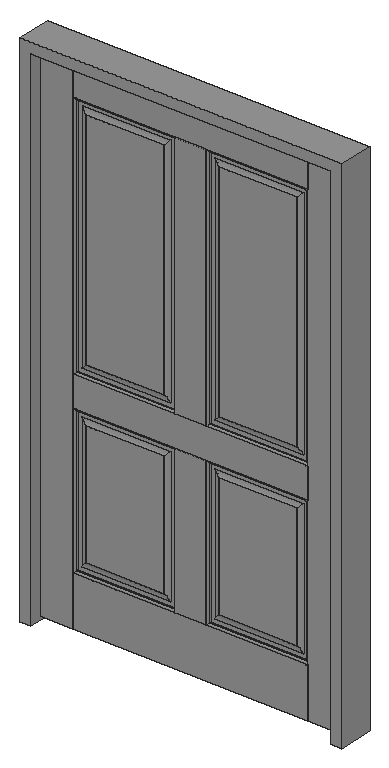
Revit family "V1200MER4PCARVE9", category Doors, host Wall, Revit 2015
Parameters (values of type "V1200MER4PCARVE9")
  Function = Interior
  Frame Projection Ext. = 25 mm
  Frame Projection Int. = 25 mm
  Frame Width = 75 mm
  Height = 2090 mm
  Wall Closure = By host
  Width = 1284 mm
Reference planes
  plane 1: y = 0
  plane 2 "Center (Left/Right)": x = 0
  plane 3 "Left": x = -642
  plane 4 "Right": x = 642
  plane 5: z = 2090
  plane 6 "Exterior": y = 75
  plane 7 "Interior": y = -75
Forms (mm)
  Sweep 1, solid, material "Lauan, Meranti"
    path origin (0, 75, 0) x (1, 0, 0) y (0, 0, 1)
      loop
        line (642, 0) -> (642, 2090) -> (-642, 2090) -> (-642, 0)
    profile "Van Acht 140x42 Pivot Door Frame Profile : Van Acht 140x42 Pivot Door Frame Profile" origin (642, 75, 1045) x (-1, 0, 0) y (0, -1, 0)
      loop
        line (0, 5) -> (42, 5) -> (42, 145) -> (0, 145) -> (0, 5)
  Extrusion 2, solid, material "Lauan, Meranti"
    sketch origin (193.5, -112.5, -4) x (0, 1, 0) y (0, 0, 1)
      loop
        line (122.5, 230) -> (122.5, 215) -> (102.5, 215) -> (102.5, 230) -> (98, 230) -> (98, 228)
        arc (98, 228) -> (93.634, 225.67) -> (92, 221) r 6.807
        line (92, 221) -> (90, 221) -> (90, 20) -> (135, 20) -> (135, 221) -> (133, 221)
        arc (133, 221) -> (131.366, 225.67) -> (127, 228) r 6.807
        line (127, 228) -> (127, 230) -> (122.5, 230)
      loop
        line (122.5, 815) -> (122.5, 800) -> (127, 800) -> (127, 802)
        arc (127, 802) -> (131.366, 804.33) -> (133, 809) r 6.807
        line (133, 809) -> (135, 809) -> (135, 931) -> (133, 931)
        arc (133, 931) -> (131.366, 935.67) -> (127, 938) r 6.807
        line (127, 938) -> (127, 940) -> (122.5, 940) -> (122.5, 925) -> (102.5, 925) -> (102.5, 940) -> (98, 940) -> (98, 938)
        arc (98, 938) -> (93.634, 935.67) -> (92, 931) r 6.807
        line (92, 931) -> (90, 931) -> (90, 809) -> (92, 809)
        arc (92, 809) -> (93.634, 804.33) -> (98, 802) r 6.807
        line (98, 802) -> (98, 800) -> (102.5, 800) -> (102.5, 815) -> (122.5, 815)
      loop
        line (122.5, 1927) -> (122.5, 1912) -> (127, 1912) -> (127, 1914)
        arc (127, 1914) -> (131.366, 1916.33) -> (133, 1921) r 6.807
        line (133, 1921) -> (135, 1921) -> (135, 2052) -> (90, 2052) -> (90, 1921) -> (92, 1921)
        arc (92, 1921) -> (93.634, 1916.33) -> (98, 1914) r 6.807
        line (98, 1914) -> (98, 1912) -> (102.5, 1912) -> (102.5, 1927) -> (122.5, 1927)
    from -662.5 to 275.5
  Extrusion 3, solid, material "Lauan, Meranti"
    sketch origin (193.5, -27.5, -4) x (1, 0, 0) y (0, 1, 0)
      loop
        line (-793.5, 50) -> (-793.5, 5) -> (-662.5, 5) -> (-662.5, 7)
        arc (-662.5, 7) -> (-657.765, 8.56) -> (-655.5, 13) r 6.549
        line (-655.5, 13) -> (-653.5, 13) -> (-653.5, 17.5) -> (-668.5, 17.5) -> (-668.5, 37.5) -> (-653.5, 37.5) -> (-653.5, 42) -> (-655.5, 42)
        arc (-655.5, 42) -> (-657.765, 46.44) -> (-662.5, 48) r 6.549
        line (-662.5, 48) -> (-662.5, 50) -> (-793.5, 50)
      loop
        line (406.5, 50) -> (275.5, 50) -> (275.5, 48)
        arc (275.5, 48) -> (270.765, 46.44) -> (268.5, 42) r 6.549
        line (268.5, 42) -> (266.5, 42) -> (266.5, 37.5) -> (281.5, 37.5) -> (281.5, 17.5) -> (266.5, 17.5) -> (266.5, 13) -> (268.5, 13)
        arc (268.5, 13) -> (270.765, 8.56) -> (275.5, 7) r 6.549
        line (275.5, 7) -> (275.5, 5) -> (406.5, 5) -> (406.5, 50)
    from 20 to 2052
  Sweep 4, solid, material "Lauan, Meranti"
    path origin (193.5, 47.5, -4) x (1, 0, 0) y (0, 0, 1)
      loop
        line (275.5, 1921) -> (-132.5, 1921) -> (-132.5, 931) -> (275.5, 931) -> (275.5, 1921)
    profile origin (265, 47.5, 1917) x (0, 0, -1) y (0, -1, 0)
      loop
        line (-4.5, 57.5) -> (-4.5, 37.5) -> (25.727, 37.5)
        arc (25.727, 37.5) -> (37.468, 35.847) -> (48.5, 31.5) r 50.456
        line (48.5, 31.5) -> (48.5, 63.5)
        arc (48.5, 63.5) -> (37.468, 59.153) -> (25.727, 57.5) r 50.456
        line (25.727, 57.5) -> (-4.5, 57.5)
  Sweep 5, solid, material "Lauan, Meranti"
    path origin (193.5, 47.5, -4) x (1, 0, 0) y (0, 0, 1)
      loop
        line (275.5, 809) -> (-132.5, 809) -> (-132.5, 221) -> (275.5, 221) -> (275.5, 809)
    profile origin (265, 47.5, 805) x (0, 0, -1) y (0, -1, 0)
      loop
        line (-4.5, 57.5) -> (-4.5, 37.5) -> (25.727, 37.5)
        arc (25.727, 37.5) -> (37.468, 35.847) -> (48.5, 31.5) r 50.456
        line (48.5, 31.5) -> (48.5, 63.5)
        arc (48.5, 63.5) -> (37.468, 59.153) -> (25.727, 57.5) r 50.456
        line (25.727, 57.5) -> (-4.5, 57.5)
  Extrusion 6, solid, material "Lauan, Meranti"
    sketch origin (193.5, 47.5, -4) x (1, 0, 0) y (0, 0, 1)
      loop
        line (227, 760.5) -> (-84, 760.5) -> (-84, 269.5) -> (227, 269.5) -> (227, 760.5)
    from 31.5 to 63.5
  Extrusion 7, solid, material "Lauan, Meranti"
    sketch origin (193.5, 47.5, 711) x (1, 0, 0) y (0, 0, 1)
      loop
        line (227, 1157.5) -> (-84, 1157.5) -> (-84, 264.5) -> (227, 264.5) -> (227, 1157.5)
    from 31.5 to 63.5
  Sweep 8, solid, material "Lauan, Meranti"
    path origin (-336.5, 47.5, -4) x (1, 0, 0) y (0, 0, 1)
      loop
        line (275.5, 1921) -> (-132.5, 1921) -> (-132.5, 931) -> (275.5, 931) -> (275.5, 1921)
    profile origin (-265, 47.5, 1917) x (0, 0, -1) y (0, -1, 0)
      loop
        line (-4.5, 57.5) -> (-4.5, 37.5) -> (25.727, 37.5)
        arc (25.727, 37.5) -> (37.468, 35.847) -> (48.5, 31.5) r 50.456
        line (48.5, 31.5) -> (48.5, 63.5)
        arc (48.5, 63.5) -> (37.468, 59.153) -> (25.727, 57.5) r 50.456
        line (25.727, 57.5) -> (-4.5, 57.5)
  Sweep 9, solid, material "Lauan, Meranti"
    path origin (-336.5, 47.5, -4) x (1, 0, 0) y (0, 0, 1)
      loop
        line (275.5, 809) -> (-132.5, 809) -> (-132.5, 221) -> (275.5, 221) -> (275.5, 809)
    profile origin (-265, 47.5, 805) x (0, 0, -1) y (0, -1, 0)
      loop
        line (-4.5, 57.5) -> (-4.5, 37.5) -> (25.727, 37.5)
        arc (25.727, 37.5) -> (37.468, 35.847) -> (48.5, 31.5) r 50.456
        line (48.5, 31.5) -> (48.5, 63.5)
        arc (48.5, 63.5) -> (37.468, 59.153) -> (25.727, 57.5) r 50.456
        line (25.727, 57.5) -> (-4.5, 57.5)
  Extrusion 10, solid, material "Lauan, Meranti"
    sketch origin (-336.5, 47.5, -4) x (1, 0, 0) y (0, 0, 1)
      loop
        line (227, 760.5) -> (-84, 760.5) -> (-84, 269.5) -> (227, 269.5) -> (227, 760.5)
    from 31.5 to 63.5
  Extrusion 11, solid, material "Lauan, Meranti"
    sketch origin (-336.5, 47.5, 711) x (1, 0, 0) y (0, 0, 1)
      loop
        line (227, 1157.5) -> (-84, 1157.5) -> (-84, 264.5) -> (227, 264.5) -> (227, 1157.5)
    from 31.5 to 63.5
  Extrusion 12, solid, material "Lauan, Meranti"
    sketch origin (0, 0, 0) x (1, 0, 0) y (0, 1, 0)
      loop
        line (-68, 14.5) -> (-70, 14.5) -> (-70, 10) -> (-55, 10) -> (-55, -10) -> (-70, -10) -> (-70, -14.5) -> (-68, -14.5)
        arc (-68, -14.5) -> (-65.735, -18.94) -> (-61, -20.5) r 6.549
        line (-61, -20.5) -> (-61, -22.5) -> (61, -22.5) -> (61, -20.5)
        arc (61, -20.5) -> (65.735, -18.94) -> (68, -14.5) r 6.549
        line (68, -14.5) -> (70, -14.5) -> (70, -10) -> (55, -10) -> (55, 10) -> (70, 10) -> (70, 14.5) -> (68, 14.5)
        arc (68, 14.5) -> (65.735, 18.94) -> (61, 20.5) r 6.549
        line (61, 20.5) -> (61, 22.5) -> (-61, 22.5) -> (-61, 20.5)
        arc (-61, 20.5) -> (-65.735, 18.94) -> (-68, 14.5) r 6.549
    from 217 to 805
  Extrusion 13, solid, material "Lauan, Meranti"
    sketch origin (0, 0, 665) x (1, 0, 0) y (0, 1, 0)
      loop
        line (-68, 14.5) -> (-70, 14.5) -> (-70, 10) -> (-55, 10) -> (-55, -10) -> (-70, -10) -> (-70, -14.5) -> (-68, -14.5)
        arc (-68, -14.5) -> (-65.735, -18.94) -> (-61, -20.5) r 6.549
        line (-61, -20.5) -> (-61, -22.5) -> (61, -22.5) -> (61, -20.5)
        arc (61, -20.5) -> (65.735, -18.94) -> (68, -14.5) r 6.549
        line (68, -14.5) -> (70, -14.5) -> (70, -10) -> (55, -10) -> (55, 10) -> (70, 10) -> (70, 14.5) -> (68, 14.5)
        arc (68, 14.5) -> (65.735, 18.94) -> (61, 20.5) r 6.549
        line (61, 20.5) -> (61, 22.5) -> (-61, 22.5) -> (-61, 20.5)
        arc (-61, 20.5) -> (-65.735, 18.94) -> (-68, 14.5) r 6.549
    from 262 to 1252
  Sweep 14, void
    path origin (0, 75, 0) x (1, 0, 0) y (0, 0, 1)
      loop
        line (390.5, 1838.5) -> (139.5, 1838.5) -> (139.5, 1005.5) -> (390.5, 1005.5) -> (390.5, 1838.5)
    profile origin (265, 75, 1838.5) x (0, 0, -1) y (0, -1, 0)
      loop
        line (-4, 59) -> (4, 59) -> (0, 62.5) -> (-4, 59)
  Sweep 15, void
    path origin (-0.984, 75, 69.282) x (1, 0, 0) y (0, 0, 1)
      loop
        line (350.894, 1024.21) -> (303.492, 1024.21) -> (303.492, 976.807) -> (350.894, 976.807) -> (350.894, 1024.21)
    profile origin (326.209, 75, 1093.492) x (0, 0, -1) y (0, -1, 0)
      loop
        line (4, 59) -> (0, 62.5) -> (-4, 59) -> (4, 59)
  Sweep 16, void
    path origin (42.019, 75, -55.238) x (1, 0, 0) y (0, 0, 1)
      loop
        line (317.891, 1151.659) -> (317.891, 1098.399) -> (333.186, 1083.104) -> (348.481, 1098.399) -> (348.481, 1151.659) -> (333.186, 1166.954) -> (317.891, 1151.659)
    profile origin (359.91, 75, 1069.791) x (0, -1, 0) y (1, 0, 0)
      loop
        line (59, 4) -> (59, -4) -> (62.5, 0) -> (59, 4)
  Sweep 17, void
    path origin (53.252, 75, -127.395) x (1, 0, 0) y (0, 0, 1)
      loop
        line (246.327, 1230.887) -> (299.587, 1230.887) -> (314.882, 1246.182) -> (299.587, 1261.477) -> (246.327, 1261.477) -> (231.032, 1246.182) -> (246.327, 1230.887)
    profile origin (326.209, 75, 1103.492) x (0, 0, 1) y (0, -1, 0)
      loop
        line (-4, 59) -> (4, 59) -> (0, 62.5) -> (-4, 59)
  Sweep 18, void
    path origin (53.252, 75, 2266.977) x (1, 0, 0) y (0, 0, -1)
      loop
        line (246.327, 1230.887) -> (299.587, 1230.887) -> (314.882, 1246.182) -> (299.587, 1261.477) -> (246.327, 1261.477) -> (231.032, 1246.182) -> (246.327, 1230.887)
    profile origin (326.209, 75, 1036.09) x (0, 0, 1) y (0, -1, 0)
      loop
        line (4, 59) -> (0, 62.5) -> (-4, 59) -> (4, 59)
  Sweep 19, void
    path origin (610.399, 75, -55.238) x (-1, 0, 0) y (0, 0, 1)
      loop
        line (317.891, 1151.659) -> (317.891, 1098.399) -> (333.186, 1083.104) -> (348.481, 1098.399) -> (348.481, 1151.659) -> (333.186, 1166.954) -> (317.891, 1151.659)
    profile origin (292.508, 75, 1069.791) x (0, -1, 0) y (1, 0, 0)
      loop
        line (59, -4) -> (62.5, 0) -> (59, 4) -> (59, -4)
  Sweep 20, void
    path origin (555.409, 75, 69.282) x (-1, 0, 0) y (0, 0, 1)
      loop
        line (350.894, 1024.21) -> (303.492, 1024.21) -> (303.492, 976.807) -> (350.894, 976.807) -> (350.894, 1024.21)
    profile origin (228.217, 75, 1093.492) x (0, 0, 1) y (0, -1, 0)
      loop
        line (-4, 59) -> (4, 59) -> (0, 62.5) -> (-4, 59)
  Sweep 21, void
    path origin (-153.966, 75, -55.238) x (1, 0, 0) y (0, 0, 1)
      loop
        line (317.891, 1151.659) -> (317.891, 1098.399) -> (333.186, 1083.104) -> (348.481, 1098.399) -> (348.481, 1151.659) -> (333.186, 1166.954) -> (317.891, 1151.659)
    profile origin (163.925, 75, 1069.791) x (0, -1, 0) y (1, 0, 0)
      loop
        line (59, 4) -> (59, -4) -> (62.5, 0) -> (59, 4)
  Sweep 22, void
    path origin (-196.969, 75, 69.282) x (1, 0, 0) y (0, 0, 1)
      loop
        line (350.894, 1024.21) -> (336.469, 1024.21) -> (336.469, 976.807) -> (350.894, 976.807) -> (350.894, 1024.21)
    profile origin (146.713, 75, 1093.492) x (0, 0, -1) y (0, -1, 0)
      loop
        line (4, 59) -> (0, 62.5) -> (-4, 59) -> (4, 59)
  Sweep 23, void
    path origin (501.174, 75, 2266.977) x (-1, 0, 0) y (0, 0, -1)
      loop
        line (246.327, 1230.887) -> (299.587, 1230.887) -> (314.882, 1246.182) -> (299.587, 1261.477) -> (246.327, 1261.477) -> (231.032, 1246.182) -> (246.327, 1230.887)
    profile origin (228.217, 75, 1036.09) x (0, 0, -1) y (0, -1, 0)
      loop
        line (-4, 59) -> (4, 59) -> (0, 62.5) -> (-4, 59)
  Sweep 24, void
    path origin (-142.733, 75, 2266.977) x (1, 0, 0) y (0, 0, -1)
      loop
        line (282.233, 1230.887) -> (299.587, 1230.887) -> (314.882, 1246.182) -> (299.587, 1261.477) -> (282.233, 1261.477) -> (282.233, 1230.887)
    profile origin (148.177, 75, 1036.09) x (0, 0, 1) y (0, -1, 0)
      loop
        line (4, 59) -> (0, 62.5) -> (-4, 59) -> (4, 59)
  Sweep 25, void
    path origin (-0.984, 75, 2168.292) x (1, 0, 0) y (0, 0, -1)
      loop
        line (350.894, 1024.21) -> (303.492, 1024.21) -> (303.492, 976.807) -> (350.894, 976.807) -> (350.894, 1024.21)
    profile origin (326.209, 75, 1144.082) x (0, 0, -1) y (0, -1, 0)
      loop
        line (-4, 59) -> (4, 59) -> (0, 62.5) -> (-4, 59)
  Sweep 26, void
    path origin (-98.976, 75, 2168.292) x (1, 0, 0) y (0, 0, -1)
      loop
        line (350.894, 1024.21) -> (303.492, 1024.21) -> (303.492, 976.807) -> (350.894, 976.807) -> (350.894, 1024.21)
    profile origin (228.217, 75, 1144.082) x (0, 0, -1) y (0, -1, 0)
      loop
        line (-4, 59) -> (4, 59) -> (0, 62.5) -> (-4, 59)
  Sweep 27, void
    path origin (-196.969, 75, 167.275) x (1, 0, 0) y (0, 0, 1)
      loop
        line (350.894, 1024.21) -> (336.469, 1024.21) -> (336.469, 976.807) -> (350.894, 976.807) -> (350.894, 1024.21)
    profile origin (146.713, 75, 1191.485) x (0, 0, -1) y (0, -1, 0)
      loop
        line (4, 59) -> (0, 62.5) -> (-4, 59) -> (4, 59)
  Sweep 28, void
    path origin (-142.733, 75, -127.395) x (1, 0, 0) y (0, 0, 1)
      loop
        line (282.233, 1230.887) -> (299.587, 1230.887) -> (314.882, 1246.182) -> (299.587, 1261.477) -> (282.233, 1261.477) -> (282.233, 1230.887)
    profile origin (148.177, 75, 1103.492) x (0, 0, 1) y (0, -1, 0)
      loop
        line (-4, 59) -> (4, 59) -> (0, 62.5) -> (-4, 59)
  Sweep 29, void
    path origin (42.019, 75, 2292.813) x (1, 0, 0) y (0, 0, -1)
      loop
        line (317.891, 1151.659) -> (317.891, 1098.399) -> (333.186, 1083.104) -> (348.481, 1098.399) -> (348.481, 1151.659) -> (333.186, 1166.954) -> (317.891, 1151.659)
    profile origin (359.91, 75, 1167.784) x (-1, 0, 0) y (0, -1, 0)
      loop
        line (-4, 59) -> (4, 59) -> (0, 62.5) -> (-4, 59)
  Sweep 30, void
    path origin (53.252, 75, -29.402) x (1, 0, 0) y (0, 0, 1)
      loop
        line (246.327, 1230.887) -> (299.587, 1230.887) -> (314.882, 1246.182) -> (299.587, 1261.477) -> (246.327, 1261.477) -> (231.032, 1246.182) -> (246.327, 1230.887)
    profile origin (326.209, 75, 1201.485) x (0, 0, 1) y (0, -1, 0)
      loop
        line (-4, 59) -> (4, 59) -> (0, 62.5) -> (-4, 59)
  Sweep 31, void
    path origin (610.399, 75, 2292.813) x (-1, 0, 0) y (0, 0, -1)
      loop
        line (317.891, 1151.659) -> (317.891, 1098.399) -> (333.186, 1083.104) -> (348.481, 1098.399) -> (348.481, 1151.659) -> (333.186, 1166.954) -> (317.891, 1151.659)
    profile origin (292.508, 75, 1167.784) x (-1, 0, 0) y (0, -1, 0)
      loop
        line (4, 59) -> (0, 62.5) -> (-4, 59) -> (4, 59)
  Sweep 32, void
    path origin (-153.966, 75, 2292.813) x (1, 0, 0) y (0, 0, -1)
      loop
        line (317.891, 1151.659) -> (317.891, 1098.399) -> (333.186, 1083.104) -> (348.481, 1098.399) -> (348.481, 1151.659) -> (333.186, 1166.954) -> (317.891, 1151.659)
    profile origin (163.925, 75, 1167.784) x (-1, 0, 0) y (0, -1, 0)
      loop
        line (-4, 59) -> (4, 59) -> (0, 62.5) -> (-4, 59)
  Sweep 33, void
    path origin (501.174, 75, -29.402) x (-1, 0, 0) y (0, 0, 1)
      loop
        line (246.327, 1230.887) -> (299.587, 1230.887) -> (314.882, 1246.182) -> (299.587, 1261.477) -> (246.327, 1261.477) -> (231.032, 1246.182) -> (246.327, 1230.887)
    profile origin (228.217, 75, 1201.485) x (0, 0, -1) y (0, -1, 0)
      loop
        line (4, 59) -> (0, 62.5) -> (-4, 59) -> (4, 59)
  Sweep 34, void
    path origin (-142.733, 75, -29.402) x (1, 0, 0) y (0, 0, 1)
      loop
        line (282.233, 1230.887) -> (299.587, 1230.887) -> (314.882, 1246.182) -> (299.587, 1261.477) -> (282.233, 1261.477) -> (282.233, 1230.887)
    profile origin (148.177, 75, 1201.485) x (0, 0, 1) y (0, -1, 0)
      loop
        line (-4, 59) -> (4, 59) -> (0, 62.5) -> (-4, 59)
  Sweep 35, void
    path origin (501.174, 75, 2364.969) x (-1, 0, 0) y (0, 0, -1)
      loop
        line (246.327, 1230.887) -> (299.587, 1230.887) -> (314.882, 1246.182) -> (299.587, 1261.477) -> (246.327, 1261.477) -> (231.032, 1246.182) -> (246.327, 1230.887)
    profile origin (228.217, 75, 1134.082) x (0, 0, -1) y (0, -1, 0)
      loop
        line (-4, 59) -> (4, 59) -> (0, 62.5) -> (-4, 59)
  Sweep 36, void
    path origin (-0.984, 75, 265.267) x (1, 0, 0) y (0, 0, 1)
      loop
        line (350.894, 1024.21) -> (303.492, 1024.21) -> (303.492, 976.807) -> (350.894, 976.807) -> (350.894, 1024.21)
    profile origin (326.209, 75, 1289.477) x (0, 0, -1) y (0, -1, 0)
      loop
        line (4, 59) -> (0, 62.5) -> (-4, 59) -> (4, 59)
  Sweep 37, void
    path origin (42.019, 75, 140.747) x (1, 0, 0) y (0, 0, 1)
      loop
        line (317.891, 1151.659) -> (317.891, 1098.399) -> (333.186, 1083.104) -> (348.481, 1098.399) -> (348.481, 1151.659) -> (333.186, 1166.954) -> (317.891, 1151.659)
    profile origin (359.91, 75, 1265.776) x (0, -1, 0) y (1, 0, 0)
      loop
        line (59, 4) -> (59, -4) -> (62.5, 0) -> (59, 4)
  Sweep 38, void
    path origin (53.252, 75, 68.59) x (1, 0, 0) y (0, 0, 1)
      loop
        line (246.327, 1230.887) -> (299.587, 1230.887) -> (314.882, 1246.182) -> (299.587, 1261.477) -> (246.327, 1261.477) -> (231.032, 1246.182) -> (246.327, 1230.887)
    profile origin (326.209, 75, 1299.477) x (0, 0, 1) y (0, -1, 0)
      loop
        line (-4, 59) -> (4, 59) -> (0, 62.5) -> (-4, 59)
  Sweep 39, void
    path origin (610.399, 75, 140.747) x (-1, 0, 0) y (0, 0, 1)
      loop
        line (317.891, 1151.659) -> (317.891, 1098.399) -> (333.186, 1083.104) -> (348.481, 1098.399) -> (348.481, 1151.659) -> (333.186, 1166.954) -> (317.891, 1151.659)
    profile origin (292.508, 75, 1265.776) x (0, -1, 0) y (1, 0, 0)
      loop
        line (59, -4) -> (62.5, 0) -> (59, 4) -> (59, -4)
  Sweep 40, void
    path origin (555.409, 75, 265.267) x (-1, 0, 0) y (0, 0, 1)
      loop
        line (350.894, 1024.21) -> (303.492, 1024.21) -> (303.492, 976.807) -> (350.894, 976.807) -> (350.894, 1024.21)
    profile origin (228.217, 75, 1289.477) x (0, 0, 1) y (0, -1, 0)
      loop
        line (-4, 59) -> (4, 59) -> (0, 62.5) -> (-4, 59)
  Sweep 41, void
    path origin (-153.966, 75, 140.747) x (1, 0, 0) y (0, 0, 1)
      loop
        line (317.891, 1151.659) -> (317.891, 1098.399) -> (333.186, 1083.104) -> (348.481, 1098.399) -> (348.481, 1151.659) -> (333.186, 1166.954) -> (317.891, 1151.659)
    profile origin (163.925, 75, 1265.776) x (0, -1, 0) y (1, 0, 0)
      loop
        line (59, 4) -> (59, -4) -> (62.5, 0) -> (59, 4)
  Sweep 42, void
    path origin (-196.969, 75, 265.267) x (1, 0, 0) y (0, 0, 1)
      loop
        line (350.894, 1024.21) -> (336.469, 1024.21) -> (336.469, 976.807) -> (350.894, 976.807) -> (350.894, 1024.21)
    profile origin (146.713, 75, 1289.477) x (0, 0, -1) y (0, -1, 0)
      loop
        line (4, 59) -> (0, 62.5) -> (-4, 59) -> (4, 59)
  Sweep 43, void
    path origin (-0.984, 75, 2364.277) x (1, 0, 0) y (0, 0, -1)
      loop
        line (350.894, 1024.21) -> (303.492, 1024.21) -> (303.492, 976.807) -> (350.894, 976.807) -> (350.894, 1024.21)
    profile origin (326.209, 75, 1340.067) x (0, 0, -1) y (0, -1, 0)
      loop
        line (-4, 59) -> (4, 59) -> (0, 62.5) -> (-4, 59)
  Sweep 44, void
    path origin (-98.976, 75, 2364.277) x (1, 0, 0) y (0, 0, -1)
      loop
        line (350.894, 1024.21) -> (303.492, 1024.21) -> (303.492, 976.807) -> (350.894, 976.807) -> (350.894, 1024.21)
    profile origin (228.217, 75, 1340.067) x (0, 0, -1) y (0, -1, 0)
      loop
        line (-4, 59) -> (4, 59) -> (0, 62.5) -> (-4, 59)
  Sweep 45, void
    path origin (-196.969, 75, 363.26) x (1, 0, 0) y (0, 0, 1)
      loop
        line (350.894, 1024.21) -> (336.469, 1024.21) -> (336.469, 976.807) -> (350.894, 976.807) -> (350.894, 1024.21)
    profile origin (146.713, 75, 1387.47) x (0, 0, -1) y (0, -1, 0)
      loop
        line (4, 59) -> (0, 62.5) -> (-4, 59) -> (4, 59)
  Sweep 46, void
    path origin (-142.733, 75, 68.59) x (1, 0, 0) y (0, 0, 1)
      loop
        line (282.233, 1230.887) -> (299.587, 1230.887) -> (314.882, 1246.182) -> (299.587, 1261.477) -> (282.233, 1261.477) -> (282.233, 1230.887)
    profile origin (148.177, 75, 1299.477) x (0, 0, 1) y (0, -1, 0)
      loop
        line (-4, 59) -> (4, 59) -> (0, 62.5) -> (-4, 59)
  Sweep 47, void
    path origin (42.019, 75, 2488.797) x (1, 0, 0) y (0, 0, -1)
      loop
        line (317.891, 1151.659) -> (317.891, 1098.399) -> (333.186, 1083.104) -> (348.481, 1098.399) -> (348.481, 1151.659) -> (333.186, 1166.954) -> (317.891, 1151.659)
    profile origin (359.91, 75, 1363.768) x (-1, 0, 0) y (0, -1, 0)
      loop
        line (-4, 59) -> (4, 59) -> (0, 62.5) -> (-4, 59)
  Sweep 48, void
    path origin (53.252, 75, 166.583) x (1, 0, 0) y (0, 0, 1)
      loop
        line (246.327, 1230.887) -> (299.587, 1230.887) -> (314.882, 1246.182) -> (299.587, 1261.477) -> (246.327, 1261.477) -> (231.032, 1246.182) -> (246.327, 1230.887)
    profile origin (326.209, 75, 1397.47) x (0, 0, 1) y (0, -1, 0)
      loop
        line (-4, 59) -> (4, 59) -> (0, 62.5) -> (-4, 59)
  Sweep 49, void
    path origin (610.399, 75, 2488.797) x (-1, 0, 0) y (0, 0, -1)
      loop
        line (317.891, 1151.659) -> (317.891, 1098.399) -> (333.186, 1083.104) -> (348.481, 1098.399) -> (348.481, 1151.659) -> (333.186, 1166.954) -> (317.891, 1151.659)
    profile origin (292.508, 75, 1363.768) x (-1, 0, 0) y (0, -1, 0)
      loop
        line (4, 59) -> (0, 62.5) -> (-4, 59) -> (4, 59)
  Sweep 50, void
    path origin (-153.966, 75, 2488.797) x (1, 0, 0) y (0, 0, -1)
      loop
        line (317.891, 1151.659) -> (317.891, 1098.399) -> (333.186, 1083.104) -> (348.481, 1098.399) -> (348.481, 1151.659) -> (333.186, 1166.954) -> (317.891, 1151.659)
    profile origin (163.925, 75, 1363.768) x (-1, 0, 0) y (0, -1, 0)
      loop
        line (-4, 59) -> (4, 59) -> (0, 62.5) -> (-4, 59)
  Sweep 51, void
    path origin (501.174, 75, 166.583) x (-1, 0, 0) y (0, 0, 1)
      loop
        line (246.327, 1230.887) -> (299.587, 1230.887) -> (314.882, 1246.182) -> (299.587, 1261.477) -> (246.327, 1261.477) -> (231.032, 1246.182) -> (246.327, 1230.887)
    profile origin (228.217, 75, 1397.47) x (0, 0, -1) y (0, -1, 0)
      loop
        line (4, 59) -> (0, 62.5) -> (-4, 59) -> (4, 59)
  Sweep 52, void
    path origin (-142.733, 75, 166.583) x (1, 0, 0) y (0, 0, 1)
      loop
        line (282.233, 1230.887) -> (299.587, 1230.887) -> (314.882, 1246.182) -> (299.587, 1261.477) -> (282.233, 1261.477) -> (282.233, 1230.887)
    profile origin (148.177, 75, 1397.47) x (0, 0, 1) y (0, -1, 0)
      loop
        line (-4, 59) -> (4, 59) -> (0, 62.5) -> (-4, 59)
  Sweep 53, void
    path origin (501.174, 75, 2560.954) x (-1, 0, 0) y (0, 0, -1)
      loop
        line (246.327, 1230.887) -> (299.587, 1230.887) -> (314.882, 1246.182) -> (299.587, 1261.477) -> (246.327, 1261.477) -> (231.032, 1246.182) -> (246.327, 1230.887)
    profile origin (228.217, 75, 1330.067) x (0, 0, -1) y (0, -1, 0)
      loop
        line (-4, 59) -> (4, 59) -> (0, 62.5) -> (-4, 59)
  Sweep 54, void
    path origin (-0.984, 75, 461.252) x (1, 0, 0) y (0, 0, 1)
      loop
        line (350.894, 1024.21) -> (303.492, 1024.21) -> (303.492, 976.807) -> (350.894, 976.807) -> (350.894, 1024.21)
    profile origin (326.209, 75, 1485.462) x (0, 0, -1) y (0, -1, 0)
      loop
        line (4, 59) -> (0, 62.5) -> (-4, 59) -> (4, 59)
  Sweep 55, void
    path origin (42.019, 75, 336.732) x (1, 0, 0) y (0, 0, 1)
      loop
        line (317.891, 1151.659) -> (317.891, 1098.399) -> (333.186, 1083.104) -> (348.481, 1098.399) -> (348.481, 1151.659) -> (333.186, 1166.954) -> (317.891, 1151.659)
    profile origin (359.91, 75, 1461.761) x (0, -1, 0) y (1, 0, 0)
      loop
        line (59, 4) -> (59, -4) -> (62.5, 0) -> (59, 4)
  Sweep 56, void
    path origin (53.252, 75, 264.575) x (1, 0, 0) y (0, 0, 1)
      loop
        line (246.327, 1230.887) -> (299.587, 1230.887) -> (314.882, 1246.182) -> (299.587, 1261.477) -> (246.327, 1261.477) -> (231.032, 1246.182) -> (246.327, 1230.887)
    profile origin (326.209, 75, 1495.462) x (0, 0, 1) y (0, -1, 0)
      loop
        line (-4, 59) -> (4, 59) -> (0, 62.5) -> (-4, 59)
  Sweep 57, void
    path origin (610.399, 75, 336.732) x (-1, 0, 0) y (0, 0, 1)
      loop
        line (317.891, 1151.659) -> (317.891, 1098.399) -> (333.186, 1083.104) -> (348.481, 1098.399) -> (348.481, 1151.659) -> (333.186, 1166.954) -> (317.891, 1151.659)
    profile origin (292.508, 75, 1461.761) x (0, -1, 0) y (1, 0, 0)
      loop
        line (59, -4) -> (62.5, 0) -> (59, 4) -> (59, -4)
  Sweep 58, void
    path origin (555.409, 75, 461.252) x (-1, 0, 0) y (0, 0, 1)
      loop
        line (350.894, 1024.21) -> (303.492, 1024.21) -> (303.492, 976.807) -> (350.894, 976.807) -> (350.894, 1024.21)
    profile origin (228.217, 75, 1485.462) x (0, 0, 1) y (0, -1, 0)
      loop
        line (-4, 59) -> (4, 59) -> (0, 62.5) -> (-4, 59)
  Sweep 59, void
    path origin (-153.966, 75, 336.732) x (1, 0, 0) y (0, 0, 1)
      loop
        line (317.891, 1151.659) -> (317.891, 1098.399) -> (333.186, 1083.104) -> (348.481, 1098.399) -> (348.481, 1151.659) -> (333.186, 1166.954) -> (317.891, 1151.659)
    profile origin (163.925, 75, 1461.761) x (0, -1, 0) y (1, 0, 0)
      loop
        line (59, 4) -> (59, -4) -> (62.5, 0) -> (59, 4)
  Sweep 60, void
    path origin (-196.969, 75, 461.252) x (1, 0, 0) y (0, 0, 1)
      loop
        line (350.894, 1024.21) -> (336.469, 1024.21) -> (336.469, 976.807) -> (350.894, 976.807) -> (350.894, 1024.21)
    profile origin (146.713, 75, 1485.462) x (0, 0, -1) y (0, -1, 0)
      loop
        line (4, 59) -> (0, 62.5) -> (-4, 59) -> (4, 59)
  Sweep 61, void
    path origin (-0.984, 75, 2560.262) x (1, 0, 0) y (0, 0, -1)
      loop
        line (350.894, 1024.21) -> (303.492, 1024.21) -> (303.492, 976.807) -> (350.894, 976.807) -> (350.894, 1024.21)
    profile origin (326.209, 75, 1536.052) x (0, 0, -1) y (0, -1, 0)
      loop
        line (-4, 59) -> (4, 59) -> (0, 62.5) -> (-4, 59)
  Sweep 62, void
    path origin (-98.976, 75, 2560.262) x (1, 0, 0) y (0, 0, -1)
      loop
        line (350.894, 1024.21) -> (303.492, 1024.21) -> (303.492, 976.807) -> (350.894, 976.807) -> (350.894, 1024.21)
    profile origin (228.217, 75, 1536.052) x (0, 0, -1) y (0, -1, 0)
      loop
        line (-4, 59) -> (4, 59) -> (0, 62.5) -> (-4, 59)
  Sweep 63, void
    path origin (-196.969, 75, 559.245) x (1, 0, 0) y (0, 0, 1)
      loop
        line (350.894, 1024.21) -> (336.469, 1024.21) -> (336.469, 976.807) -> (350.894, 976.807) -> (350.894, 1024.21)
    profile origin (146.713, 75, 1583.454) x (0, 0, -1) y (0, -1, 0)
      loop
        line (4, 59) -> (0, 62.5) -> (-4, 59) -> (4, 59)
  Sweep 64, void
    path origin (-142.733, 75, 264.575) x (1, 0, 0) y (0, 0, 1)
      loop
        line (282.233, 1230.887) -> (299.587, 1230.887) -> (314.882, 1246.182) -> (299.587, 1261.477) -> (282.233, 1261.477) -> (282.233, 1230.887)
    profile origin (148.177, 75, 1495.462) x (0, 0, 1) y (0, -1, 0)
      loop
        line (-4, 59) -> (4, 59) -> (0, 62.5) -> (-4, 59)
  Sweep 65, void
    path origin (42.019, 75, 2684.782) x (1, 0, 0) y (0, 0, -1)
      loop
        line (317.891, 1151.659) -> (317.891, 1098.399) -> (333.186, 1083.104) -> (348.481, 1098.399) -> (348.481, 1151.659) -> (333.186, 1166.954) -> (317.891, 1151.659)
    profile origin (359.91, 75, 1559.753) x (-1, 0, 0) y (0, -1, 0)
      loop
        line (-4, 59) -> (4, 59) -> (0, 62.5) -> (-4, 59)
  Sweep 66, void
    path origin (53.252, 75, 362.567) x (1, 0, 0) y (0, 0, 1)
      loop
        line (246.327, 1230.887) -> (299.587, 1230.887) -> (314.882, 1246.182) -> (299.587, 1261.477) -> (246.327, 1261.477) -> (231.032, 1246.182) -> (246.327, 1230.887)
    profile origin (326.209, 75, 1593.455) x (0, 0, 1) y (0, -1, 0)
      loop
        line (-4, 59) -> (4, 59) -> (0, 62.5) -> (-4, 59)
  Sweep 67, void
    path origin (610.399, 75, 2684.782) x (-1, 0, 0) y (0, 0, -1)
      loop
        line (317.891, 1151.659) -> (317.891, 1098.399) -> (333.186, 1083.104) -> (348.481, 1098.399) -> (348.481, 1151.659) -> (333.186, 1166.954) -> (317.891, 1151.659)
    profile origin (292.508, 75, 1559.753) x (-1, 0, 0) y (0, -1, 0)
      loop
        line (4, 59) -> (0, 62.5) -> (-4, 59) -> (4, 59)
  Sweep 68, void
    path origin (-153.966, 75, 2684.782) x (1, 0, 0) y (0, 0, -1)
      loop
        line (317.891, 1151.659) -> (317.891, 1098.399) -> (333.186, 1083.104) -> (348.481, 1098.399) -> (348.481, 1151.659) -> (333.186, 1166.954) -> (317.891, 1151.659)
    profile origin (163.925, 75, 1559.753) x (-1, 0, 0) y (0, -1, 0)
      loop
        line (-4, 59) -> (4, 59) -> (0, 62.5) -> (-4, 59)
  Sweep 69, void
    path origin (501.174, 75, 362.567) x (-1, 0, 0) y (0, 0, 1)
      loop
        line (246.327, 1230.887) -> (299.587, 1230.887) -> (314.882, 1246.182) -> (299.587, 1261.477) -> (246.327, 1261.477) -> (231.032, 1246.182) -> (246.327, 1230.887)
    profile origin (228.217, 75, 1593.455) x (0, 0, -1) y (0, -1, 0)
      loop
        line (4, 59) -> (0, 62.5) -> (-4, 59) -> (4, 59)
  Sweep 70, void
    path origin (-142.733, 75, 362.567) x (1, 0, 0) y (0, 0, 1)
      loop
        line (282.233, 1230.887) -> (299.587, 1230.887) -> (314.882, 1246.182) -> (299.587, 1261.477) -> (282.233, 1261.477) -> (282.233, 1230.887)
    profile origin (148.177, 75, 1593.455) x (0, 0, 1) y (0, -1, 0)
      loop
        line (-4, 59) -> (4, 59) -> (0, 62.5) -> (-4, 59)
  Sweep 71, void
    path origin (501.174, 75, 2756.939) x (-1, 0, 0) y (0, 0, -1)
      loop
        line (246.327, 1230.887) -> (299.587, 1230.887) -> (314.882, 1246.182) -> (299.587, 1261.477) -> (246.327, 1261.477) -> (231.032, 1246.182) -> (246.327, 1230.887)
    profile origin (228.217, 75, 1526.052) x (0, 0, -1) y (0, -1, 0)
      loop
        line (-4, 59) -> (4, 59) -> (0, 62.5) -> (-4, 59)
  Sweep 72, void
    path origin (-0.984, 75, 657.237) x (1, 0, 0) y (0, 0, 1)
      loop
        line (350.894, 1024.21) -> (303.492, 1024.21) -> (303.492, 976.807) -> (350.894, 976.807) -> (350.894, 1024.21)
    profile origin (326.209, 75, 1681.447) x (0, 0, -1) y (0, -1, 0)
      loop
        line (4, 59) -> (0, 62.5) -> (-4, 59) -> (4, 59)
  Sweep 73, void
    path origin (42.019, 75, 532.717) x (1, 0, 0) y (0, 0, 1)
      loop
        line (317.891, 1151.659) -> (317.891, 1098.399) -> (333.186, 1083.104) -> (348.481, 1098.399) -> (348.481, 1151.659) -> (333.186, 1166.954) -> (317.891, 1151.659)
    profile origin (359.91, 75, 1657.746) x (0, -1, 0) y (1, 0, 0)
      loop
        line (59, 4) -> (59, -4) -> (62.5, 0) -> (59, 4)
  Sweep 74, void
    path origin (53.252, 75, 460.56) x (1, 0, 0) y (0, 0, 1)
      loop
        line (246.327, 1230.887) -> (299.587, 1230.887) -> (314.882, 1246.182) -> (299.587, 1261.477) -> (246.327, 1261.477) -> (231.032, 1246.182) -> (246.327, 1230.887)
    profile origin (326.209, 75, 1691.447) x (0, 0, 1) y (0, -1, 0)
      loop
        line (-4, 59) -> (4, 59) -> (0, 62.5) -> (-4, 59)
  Sweep 75, void
    path origin (610.399, 75, 532.717) x (-1, 0, 0) y (0, 0, 1)
      loop
        line (317.891, 1151.659) -> (317.891, 1098.399) -> (333.186, 1083.104) -> (348.481, 1098.399) -> (348.481, 1151.659) -> (333.186, 1166.954) -> (317.891, 1151.659)
    profile origin (292.508, 75, 1657.746) x (0, -1, 0) y (1, 0, 0)
      loop
        line (59, -4) -> (62.5, 0) -> (59, 4) -> (59, -4)
  Sweep 76, void
    path origin (555.409, 75, 657.237) x (-1, 0, 0) y (0, 0, 1)
      loop
        line (350.894, 1024.21) -> (303.492, 1024.21) -> (303.492, 976.807) -> (350.894, 976.807) -> (350.894, 1024.21)
    profile origin (228.217, 75, 1681.447) x (0, 0, 1) y (0, -1, 0)
      loop
        line (-4, 59) -> (4, 59) -> (0, 62.5) -> (-4, 59)
  Sweep 77, void
    path origin (-153.966, 75, 532.717) x (1, 0, 0) y (0, 0, 1)
      loop
        line (317.891, 1151.659) -> (317.891, 1098.399) -> (333.186, 1083.104) -> (348.481, 1098.399) -> (348.481, 1151.659) -> (333.186, 1166.954) -> (317.891, 1151.659)
    profile origin (163.925, 75, 1657.746) x (0, -1, 0) y (1, 0, 0)
      loop
        line (59, 4) -> (59, -4) -> (62.5, 0) -> (59, 4)
  Sweep 78, void
    path origin (-196.969, 75, 657.237) x (1, 0, 0) y (0, 0, 1)
      loop
        line (350.894, 1024.21) -> (336.469, 1024.21) -> (336.469, 976.807) -> (350.894, 976.807) -> (350.894, 1024.21)
    profile origin (146.713, 75, 1681.447) x (0, 0, -1) y (0, -1, 0)
      loop
        line (4, 59) -> (0, 62.5) -> (-4, 59) -> (4, 59)
  Sweep 79, void
    path origin (-0.984, 75, 2756.247) x (1, 0, 0) y (0, 0, -1)
      loop
        line (350.894, 1024.21) -> (303.492, 1024.21) -> (303.492, 976.807) -> (350.894, 976.807) -> (350.894, 1024.21)
    profile origin (326.209, 75, 1732.037) x (0, 0, -1) y (0, -1, 0)
      loop
        line (-4, 59) -> (4, 59) -> (0, 62.5) -> (-4, 59)
  Sweep 80, void
    path origin (-98.976, 75, 2756.247) x (1, 0, 0) y (0, 0, -1)
      loop
        line (350.894, 1024.21) -> (303.492, 1024.21) -> (303.492, 976.807) -> (350.894, 976.807) -> (350.894, 1024.21)
    profile origin (228.217, 75, 1732.037) x (0, 0, -1) y (0, -1, 0)
      loop
        line (-4, 59) -> (4, 59) -> (0, 62.5) -> (-4, 59)
  Sweep 81, void
    path origin (-196.969, 75, 755.229) x (1, 0, 0) y (0, 0, 1)
      loop
        line (350.894, 1024.21) -> (336.469, 1024.21) -> (336.469, 976.807) -> (350.894, 976.807) -> (350.894, 1024.21)
    profile origin (146.713, 75, 1779.439) x (0, 0, -1) y (0, -1, 0)
      loop
        line (4, 59) -> (0, 62.5) -> (-4, 59) -> (4, 59)
  Sweep 82, void
    path origin (-142.733, 75, 460.56) x (1, 0, 0) y (0, 0, 1)
      loop
        line (282.233, 1230.887) -> (299.587, 1230.887) -> (314.882, 1246.182) -> (299.587, 1261.477) -> (282.233, 1261.477) -> (282.233, 1230.887)
    profile origin (148.177, 75, 1691.447) x (0, 0, 1) y (0, -1, 0)
      loop
        line (-4, 59) -> (4, 59) -> (0, 62.5) -> (-4, 59)
  Sweep 83, void
    path origin (42.019, 75, 2880.767) x (1, 0, 0) y (0, 0, -1)
      loop
        line (317.891, 1151.659) -> (317.891, 1098.399) -> (333.186, 1083.104) -> (348.481, 1098.399) -> (348.481, 1151.659) -> (333.186, 1166.954) -> (317.891, 1151.659)
    profile origin (359.91, 75, 1755.738) x (-1, 0, 0) y (0, -1, 0)
      loop
        line (-4, 59) -> (4, 59) -> (0, 62.5) -> (-4, 59)
  Sweep 84, void
    path origin (53.252, 75, 558.552) x (1, 0, 0) y (0, 0, 1)
      loop
        line (246.327, 1230.887) -> (299.587, 1230.887) -> (314.882, 1246.182) -> (299.587, 1261.477) -> (246.327, 1261.477) -> (231.032, 1246.182) -> (246.327, 1230.887)
    profile origin (326.209, 75, 1789.439) x (0, 0, 1) y (0, -1, 0)
      loop
        line (-4, 59) -> (4, 59) -> (0, 62.5) -> (-4, 59)
  Sweep 85, void
    path origin (610.399, 75, 2880.767) x (-1, 0, 0) y (0, 0, -1)
      loop
        line (317.891, 1151.659) -> (317.891, 1098.399) -> (333.186, 1083.104) -> (348.481, 1098.399) -> (348.481, 1151.659) -> (333.186, 1166.954) -> (317.891, 1151.659)
    profile origin (292.508, 75, 1755.738) x (-1, 0, 0) y (0, -1, 0)
      loop
        line (4, 59) -> (0, 62.5) -> (-4, 59) -> (4, 59)
  Sweep 86, void
    path origin (-153.966, 75, 2880.767) x (1, 0, 0) y (0, 0, -1)
      loop
        line (317.891, 1151.659) -> (317.891, 1098.399) -> (333.186, 1083.104) -> (348.481, 1098.399) -> (348.481, 1151.659) -> (333.186, 1166.954) -> (317.891, 1151.659)
    profile origin (163.925, 75, 1755.738) x (-1, 0, 0) y (0, -1, 0)
      loop
        line (-4, 59) -> (4, 59) -> (0, 62.5) -> (-4, 59)
  Sweep 87, void
    path origin (501.174, 75, 558.552) x (-1, 0, 0) y (0, 0, 1)
      loop
        line (246.327, 1230.887) -> (299.587, 1230.887) -> (314.882, 1246.182) -> (299.587, 1261.477) -> (246.327, 1261.477) -> (231.032, 1246.182) -> (246.327, 1230.887)
    profile origin (228.217, 75, 1789.439) x (0, 0, -1) y (0, -1, 0)
      loop
        line (4, 59) -> (0, 62.5) -> (-4, 59) -> (4, 59)
  Sweep 88, void
    path origin (-142.733, 75, 558.552) x (1, 0, 0) y (0, 0, 1)
      loop
        line (282.233, 1230.887) -> (299.587, 1230.887) -> (314.882, 1246.182) -> (299.587, 1261.477) -> (282.233, 1261.477) -> (282.233, 1230.887)
    profile origin (148.177, 75, 1789.439) x (0, 0, 1) y (0, -1, 0)
      loop
        line (-4, 59) -> (4, 59) -> (0, 62.5) -> (-4, 59)
  Sweep 89, void
    path origin (501.174, 75, 2952.924) x (-1, 0, 0) y (0, 0, -1)
      loop
        line (246.327, 1230.887) -> (299.587, 1230.887) -> (314.882, 1246.182) -> (299.587, 1261.477) -> (246.327, 1261.477) -> (231.032, 1246.182) -> (246.327, 1230.887)
    profile origin (228.217, 75, 1722.037) x (0, 0, -1) y (0, -1, 0)
      loop
        line (-4, 59) -> (4, 59) -> (0, 62.5) -> (-4, 59)
  Sweep 90, void
    path origin (42.019, 75, 728.701) x (1, 0, 0) y (0, 0, 1)
      loop
        line (317.891, 1109.799) -> (317.891, 1098.399) -> (333.186, 1083.104) -> (348.481, 1098.399) -> (348.481, 1109.799) -> (317.891, 1109.799)
    profile origin (359.91, 75, 1832.8) x (0, -1, 0) y (1, 0, 0)
      loop
        line (59, 4) -> (59, -4) -> (62.5, 0) -> (59, 4)
  Sweep 91, void
    path origin (-55.973, 75, 728.701) x (1, 0, 0) y (0, 0, 1)
      loop
        line (317.891, 1109.799) -> (317.891, 1098.399) -> (333.186, 1083.104) -> (348.481, 1098.399) -> (348.481, 1109.799) -> (317.891, 1109.799)
    profile origin (261.918, 75, 1832.8) x (0, -1, 0) y (1, 0, 0)
      loop
        line (59, 4) -> (59, -4) -> (62.5, 0) -> (59, 4)
  Sweep 92, void
    path origin (-153.966, 75, 728.701) x (1, 0, 0) y (0, 0, 1)
      loop
        line (317.891, 1109.799) -> (317.891, 1098.399) -> (333.186, 1083.104) -> (348.481, 1098.399) -> (348.481, 1109.799) -> (317.891, 1109.799)
    profile origin (163.925, 75, 1832.8) x (0, -1, 0) y (1, 0, 0)
      loop
        line (59, 4) -> (59, -4) -> (62.5, 0) -> (59, 4)
  Sweep 93, void
    path origin (0, 75, 0) x (1, 0, 0) y (0, 0, 1)
      loop
        line (-139.5, 1838.5) -> (-390.5, 1838.5) -> (-390.5, 1005.5) -> (-139.5, 1005.5) -> (-139.5, 1838.5)
    profile origin (-265, 75, 1838.5) x (0, 0, -1) y (0, -1, 0)
      loop
        line (0, 62.5) -> (-4, 59) -> (4, 59) -> (0, 62.5)
  Sweep 94, void
    path origin (0, 75, 0) x (1, 0, 0) y (0, 0, 1)
      loop
        line (-390.5, 1043.161) -> (-375.205, 1027.866) -> (-359.91, 1043.161) -> (-359.91, 1096.421) -> (-375.205, 1111.716) -> (-390.5, 1096.421) -> (-390.5, 1043.161)
    profile origin (-390.5, 75, 1069.791) x (-1, 0, 0) y (0, -1, 0)
      loop
        line (4, 59) -> (0, 62.5) -> (-4, 59) -> (4, 59)
  Sweep 95, void
    path origin (743.582, 75, 1396) x (0, 0, 1) y (-1, 0, 0)
      loop
        line (-390.5, 1043.161) -> (-375.205, 1027.866) -> (-359.91, 1043.161) -> (-359.91, 1096.421) -> (-375.205, 1111.716) -> (-390.5, 1096.421) -> (-390.5, 1043.161)
    profile origin (-326.209, 75, 1005.5) x (0, 0, -1) y (0, -1, 0)
      loop
        line (4, 59) -> (0, 62.5) -> (-4, 59) -> (4, 59)
  Sweep 96, void
    path origin (0, 75, 0) x (1, 0, 0) y (0, 0, 1)
      loop
        line (-302.508, 1093.492) -> (-349.91, 1093.492) -> (-349.91, 1046.09) -> (-302.508, 1046.09) -> (-302.508, 1093.492)
    profile origin (-326.209, 75, 1093.492) x (0, 0, -1) y (0, -1, 0)
      loop
        line (-4, 59) -> (4, 59) -> (0, 62.5) -> (-4, 59)
  Sweep 97, void
    path origin (743.582, 75, 743.582) x (0, 0, -1) y (-1, 0, 0)
      loop
        line (-390.5, 1043.161) -> (-375.205, 1027.866) -> (-359.91, 1043.161) -> (-359.91, 1096.421) -> (-375.205, 1111.716) -> (-390.5, 1096.421) -> (-390.5, 1043.161)
    profile origin (-326.209, 75, 1134.082) x (0, 0, -1) y (0, -1, 0)
      loop
        line (-4, 59) -> (4, 59) -> (0, 62.5) -> (-4, 59)
  Sweep 98, void
    path origin (-652.418, 75, 0) x (-1, 0, 0) y (0, 0, 1)
      loop
        line (-390.5, 1043.161) -> (-375.205, 1027.866) -> (-359.91, 1043.161) -> (-359.91, 1096.421) -> (-375.205, 1111.716) -> (-390.5, 1096.421) -> (-390.5, 1043.161)
    profile origin (-261.918, 75, 1069.791) x (-1, 0, 0) y (0, -1, 0)
      loop
        line (-4, 59) -> (4, 59) -> (0, 62.5) -> (-4, 59)
  Sweep 99, void
    path origin (841.574, 75, 1396) x (0, 0, 1) y (-1, 0, 0)
      loop
        line (-390.5, 1043.161) -> (-375.205, 1027.866) -> (-359.91, 1043.161) -> (-359.91, 1096.421) -> (-375.205, 1111.716) -> (-390.5, 1096.421) -> (-390.5, 1043.161)
    profile origin (-228.217, 75, 1005.5) x (0, 0, -1) y (0, -1, 0)
      loop
        line (4, 59) -> (0, 62.5) -> (-4, 59) -> (4, 59)
  Sweep 100, void
    path origin (97.992, 75, 0) x (1, 0, 0) y (0, 0, 1)
      loop
        line (-302.508, 1093.492) -> (-349.91, 1093.492) -> (-349.91, 1046.09) -> (-302.508, 1046.09) -> (-302.508, 1093.492)
    profile origin (-228.217, 75, 1093.492) x (0, 0, -1) y (0, -1, 0)
      loop
        line (-4, 59) -> (4, 59) -> (0, 62.5) -> (-4, 59)
  Sweep 101, void
    path origin (841.574, 75, 743.582) x (0, 0, -1) y (-1, 0, 0)
      loop
        line (-390.5, 1043.161) -> (-375.205, 1027.866) -> (-359.91, 1043.161) -> (-359.91, 1096.421) -> (-375.205, 1111.716) -> (-390.5, 1096.421) -> (-390.5, 1043.161)
    profile origin (-228.217, 75, 1134.082) x (0, 0, -1) y (0, -1, 0)
      loop
        line (-4, 59) -> (4, 59) -> (0, 62.5) -> (-4, 59)
  Sweep 102, void
    path origin (-554.426, 75, 0) x (-1, 0, 0) y (0, 0, 1)
      loop
        line (-390.5, 1043.161) -> (-375.205, 1027.866) -> (-359.91, 1043.161) -> (-359.91, 1096.421) -> (-375.205, 1111.716) -> (-390.5, 1096.421) -> (-390.5, 1043.161)
    profile origin (-163.926, 75, 1069.791) x (-1, 0, 0) y (0, -1, 0)
      loop
        line (-4, 59) -> (4, 59) -> (0, 62.5) -> (-4, 59)
  Sweep 103, void
    path origin (939.567, 75, 1396) x (0, 0, 1) y (-1, 0, 0)
      loop
        line (-390.5, 1079.067) -> (-359.91, 1079.067) -> (-359.91, 1096.421) -> (-375.205, 1111.716) -> (-390.5, 1096.421) -> (-390.5, 1079.067)
    profile origin (-148.177, 75, 1005.5) x (0, 0, -1) y (0, -1, 0)
      loop
        line (4, 59) -> (0, 62.5) -> (-4, 59) -> (4, 59)
  Sweep 104, void
    path origin (195.984, 75, 0) x (1, 0, 0) y (0, 0, 1)
      loop
        line (-335.484, 1093.492) -> (-349.91, 1093.492) -> (-349.91, 1046.09) -> (-335.484, 1046.09) -> (-335.484, 1093.492)
    profile origin (-146.713, 75, 1093.492) x (0, 0, -1) y (0, -1, 0)
      loop
        line (-4, 59) -> (4, 59) -> (0, 62.5) -> (-4, 59)
  Sweep 105, void
    path origin (939.567, 75, 743.582) x (0, 0, -1) y (-1, 0, 0)
      loop
        line (-390.5, 1079.067) -> (-359.91, 1079.067) -> (-359.91, 1096.421) -> (-375.205, 1111.716) -> (-390.5, 1096.421) -> (-390.5, 1079.067)
    profile origin (-148.177, 75, 1134.082) x (0, 0, -1) y (0, -1, 0)
      loop
        line (-4, 59) -> (4, 59) -> (0, 62.5) -> (-4, 59)
  Sweep 106, void
    path origin (0, 75, 97.99) x (1, 0, 0) y (0, 0, 1)
      loop
        line (-390.5, 1043.161) -> (-375.205, 1027.866) -> (-359.91, 1043.161) -> (-359.91, 1096.421) -> (-375.205, 1111.716) -> (-390.5, 1096.421) -> (-390.5, 1043.161)
    profile origin (-390.5, 75, 1167.782) x (-1, 0, 0) y (0, -1, 0)
      loop
        line (4, 59) -> (0, 62.5) -> (-4, 59) -> (4, 59)
  Sweep 107, void
    path origin (0, 75, 97.99) x (1, 0, 0) y (0, 0, 1)
      loop
        line (-302.508, 1093.492) -> (-349.91, 1093.492) -> (-349.91, 1046.09) -> (-302.508, 1046.09) -> (-302.508, 1093.492)
    profile origin (-326.209, 75, 1191.483) x (0, 0, -1) y (0, -1, 0)
      loop
        line (-4, 59) -> (4, 59) -> (0, 62.5) -> (-4, 59)
  Sweep 108, void
    path origin (743.582, 75, 841.573) x (0, 0, -1) y (-1, 0, 0)
      loop
        line (-390.5, 1043.161) -> (-375.205, 1027.866) -> (-359.91, 1043.161) -> (-359.91, 1096.421) -> (-375.205, 1111.716) -> (-390.5, 1096.421) -> (-390.5, 1043.161)
    profile origin (-326.209, 75, 1232.073) x (0, 0, -1) y (0, -1, 0)
      loop
        line (-4, 59) -> (4, 59) -> (0, 62.5) -> (-4, 59)
  Sweep 109, void
    path origin (-652.418, 75, 97.99) x (-1, 0, 0) y (0, 0, 1)
      loop
        line (-390.5, 1043.161) -> (-375.205, 1027.866) -> (-359.91, 1043.161) -> (-359.91, 1096.421) -> (-375.205, 1111.716) -> (-390.5, 1096.421) -> (-390.5, 1043.161)
    profile origin (-261.918, 75, 1167.782) x (-1, 0, 0) y (0, -1, 0)
      loop
        line (-4, 59) -> (4, 59) -> (0, 62.5) -> (-4, 59)
  Sweep 110, void
    path origin (97.992, 75, 97.99) x (1, 0, 0) y (0, 0, 1)
      loop
        line (-302.508, 1093.492) -> (-349.91, 1093.492) -> (-349.91, 1046.09) -> (-302.508, 1046.09) -> (-302.508, 1093.492)
    profile origin (-228.217, 75, 1191.483) x (0, 0, -1) y (0, -1, 0)
      loop
        line (-4, 59) -> (4, 59) -> (0, 62.5) -> (-4, 59)
  Sweep 111, void
    path origin (841.574, 75, 841.573) x (0, 0, -1) y (-1, 0, 0)
      loop
        line (-390.5, 1043.161) -> (-375.205, 1027.866) -> (-359.91, 1043.161) -> (-359.91, 1096.421) -> (-375.205, 1111.716) -> (-390.5, 1096.421) -> (-390.5, 1043.161)
    profile origin (-228.217, 75, 1232.073) x (0, 0, -1) y (0, -1, 0)
      loop
        line (-4, 59) -> (4, 59) -> (0, 62.5) -> (-4, 59)
  Sweep 112, void
    path origin (-554.426, 75, 97.99) x (-1, 0, 0) y (0, 0, 1)
      loop
        line (-390.5, 1043.161) -> (-375.205, 1027.866) -> (-359.91, 1043.161) -> (-359.91, 1096.421) -> (-375.205, 1111.716) -> (-390.5, 1096.421) -> (-390.5, 1043.161)
    profile origin (-163.926, 75, 1167.782) x (-1, 0, 0) y (0, -1, 0)
      loop
        line (-4, 59) -> (4, 59) -> (0, 62.5) -> (-4, 59)
  Sweep 113, void
    path origin (195.984, 75, 97.99) x (1, 0, 0) y (0, 0, 1)
      loop
        line (-335.484, 1093.492) -> (-349.91, 1093.492) -> (-349.91, 1046.09) -> (-335.484, 1046.09) -> (-335.484, 1093.492)
    profile origin (-146.713, 75, 1191.483) x (0, 0, -1) y (0, -1, 0)
      loop
        line (-4, 59) -> (4, 59) -> (0, 62.5) -> (-4, 59)
  Sweep 114, void
    path origin (939.567, 75, 841.573) x (0, 0, -1) y (-1, 0, 0)
      loop
        line (-390.5, 1079.067) -> (-359.91, 1079.067) -> (-359.91, 1096.421) -> (-375.205, 1111.716) -> (-390.5, 1096.421) -> (-390.5, 1079.067)
    profile origin (-148.177, 75, 1232.073) x (0, 0, -1) y (0, -1, 0)
      loop
        line (-4, 59) -> (4, 59) -> (0, 62.5) -> (-4, 59)
  Sweep 115, void
    path origin (0, 75, 195.983) x (1, 0, 0) y (0, 0, 1)
      loop
        line (-390.5, 1043.161) -> (-375.205, 1027.866) -> (-359.91, 1043.161) -> (-359.91, 1096.421) -> (-375.205, 1111.716) -> (-390.5, 1096.421) -> (-390.5, 1043.161)
    profile origin (-390.5, 75, 1265.774) x (-1, 0, 0) y (0, -1, 0)
      loop
        line (4, 59) -> (0, 62.5) -> (-4, 59) -> (4, 59)
  Sweep 116, void
    path origin (0, 75, 195.983) x (1, 0, 0) y (0, 0, 1)
      loop
        line (-302.508, 1093.492) -> (-349.91, 1093.492) -> (-349.91, 1046.09) -> (-302.508, 1046.09) -> (-302.508, 1093.492)
    profile origin (-326.209, 75, 1289.475) x (0, 0, -1) y (0, -1, 0)
      loop
        line (-4, 59) -> (4, 59) -> (0, 62.5) -> (-4, 59)
  Sweep 117, void
    path origin (743.582, 75, 939.565) x (0, 0, -1) y (-1, 0, 0)
      loop
        line (-390.5, 1043.161) -> (-375.205, 1027.866) -> (-359.91, 1043.161) -> (-359.91, 1096.421) -> (-375.205, 1111.716) -> (-390.5, 1096.421) -> (-390.5, 1043.161)
    profile origin (-326.209, 75, 1330.065) x (0, 0, -1) y (0, -1, 0)
      loop
        line (-4, 59) -> (4, 59) -> (0, 62.5) -> (-4, 59)
  Sweep 118, void
    path origin (-652.418, 75, 195.983) x (-1, 0, 0) y (0, 0, 1)
      loop
        line (-390.5, 1043.161) -> (-375.205, 1027.866) -> (-359.91, 1043.161) -> (-359.91, 1096.421) -> (-375.205, 1111.716) -> (-390.5, 1096.421) -> (-390.5, 1043.161)
    profile origin (-261.918, 75, 1265.774) x (-1, 0, 0) y (0, -1, 0)
      loop
        line (-4, 59) -> (4, 59) -> (0, 62.5) -> (-4, 59)
  Sweep 119, void
    path origin (97.992, 75, 195.983) x (1, 0, 0) y (0, 0, 1)
      loop
        line (-302.508, 1093.492) -> (-349.91, 1093.492) -> (-349.91, 1046.09) -> (-302.508, 1046.09) -> (-302.508, 1093.492)
    profile origin (-228.217, 75, 1289.475) x (0, 0, -1) y (0, -1, 0)
      loop
        line (-4, 59) -> (4, 59) -> (0, 62.5) -> (-4, 59)
  Sweep 120, void
    path origin (841.574, 75, 939.565) x (0, 0, -1) y (-1, 0, 0)
      loop
        line (-390.5, 1043.161) -> (-375.205, 1027.866) -> (-359.91, 1043.161) -> (-359.91, 1096.421) -> (-375.205, 1111.716) -> (-390.5, 1096.421) -> (-390.5, 1043.161)
    profile origin (-228.217, 75, 1330.065) x (0, 0, -1) y (0, -1, 0)
      loop
        line (-4, 59) -> (4, 59) -> (0, 62.5) -> (-4, 59)
  Sweep 121, void
    path origin (-554.426, 75, 195.983) x (-1, 0, 0) y (0, 0, 1)
      loop
        line (-390.5, 1043.161) -> (-375.205, 1027.866) -> (-359.91, 1043.161) -> (-359.91, 1096.421) -> (-375.205, 1111.716) -> (-390.5, 1096.421) -> (-390.5, 1043.161)
    profile origin (-163.926, 75, 1265.774) x (-1, 0, 0) y (0, -1, 0)
      loop
        line (-4, 59) -> (4, 59) -> (0, 62.5) -> (-4, 59)
  Sweep 122, void
    path origin (195.984, 75, 195.983) x (1, 0, 0) y (0, 0, 1)
      loop
        line (-335.484, 1093.492) -> (-349.91, 1093.492) -> (-349.91, 1046.09) -> (-335.484, 1046.09) -> (-335.484, 1093.492)
    profile origin (-146.713, 75, 1289.475) x (0, 0, -1) y (0, -1, 0)
      loop
        line (-4, 59) -> (4, 59) -> (0, 62.5) -> (-4, 59)
  Sweep 123, void
    path origin (939.567, 75, 939.565) x (0, 0, -1) y (-1, 0, 0)
      loop
        line (-390.5, 1079.067) -> (-359.91, 1079.067) -> (-359.91, 1096.421) -> (-375.205, 1111.716) -> (-390.5, 1096.421) -> (-390.5, 1079.067)
    profile origin (-148.177, 75, 1330.065) x (0, 0, -1) y (0, -1, 0)
      loop
        line (-4, 59) -> (4, 59) -> (0, 62.5) -> (-4, 59)
  Sweep 124, void
    path origin (0, 75, 293.975) x (1, 0, 0) y (0, 0, 1)
      loop
        line (-390.5, 1043.161) -> (-375.205, 1027.866) -> (-359.91, 1043.161) -> (-359.91, 1096.421) -> (-375.205, 1111.716) -> (-390.5, 1096.421) -> (-390.5, 1043.161)
    profile origin (-390.5, 75, 1363.766) x (-1, 0, 0) y (0, -1, 0)
      loop
        line (4, 59) -> (0, 62.5) -> (-4, 59) -> (4, 59)
  Sweep 125, void
    path origin (0, 75, 293.975) x (1, 0, 0) y (0, 0, 1)
      loop
        line (-302.508, 1093.492) -> (-349.91, 1093.492) -> (-349.91, 1046.09) -> (-302.508, 1046.09) -> (-302.508, 1093.492)
    profile origin (-326.209, 75, 1387.468) x (0, 0, -1) y (0, -1, 0)
      loop
        line (-4, 59) -> (4, 59) -> (0, 62.5) -> (-4, 59)
  Sweep 126, void
    path origin (743.582, 75, 1037.558) x (0, 0, -1) y (-1, 0, 0)
      loop
        line (-390.5, 1043.161) -> (-375.205, 1027.866) -> (-359.91, 1043.161) -> (-359.91, 1096.421) -> (-375.205, 1111.716) -> (-390.5, 1096.421) -> (-390.5, 1043.161)
    profile origin (-326.209, 75, 1428.058) x (0, 0, -1) y (0, -1, 0)
      loop
        line (-4, 59) -> (4, 59) -> (0, 62.5) -> (-4, 59)
  Sweep 127, void
    path origin (-652.418, 75, 293.975) x (-1, 0, 0) y (0, 0, 1)
      loop
        line (-390.5, 1043.161) -> (-375.205, 1027.866) -> (-359.91, 1043.161) -> (-359.91, 1096.421) -> (-375.205, 1111.716) -> (-390.5, 1096.421) -> (-390.5, 1043.161)
    profile origin (-261.918, 75, 1363.766) x (-1, 0, 0) y (0, -1, 0)
      loop
        line (-4, 59) -> (4, 59) -> (0, 62.5) -> (-4, 59)
  Sweep 128, void
    path origin (97.992, 75, 293.975) x (1, 0, 0) y (0, 0, 1)
      loop
        line (-302.508, 1093.492) -> (-349.91, 1093.492) -> (-349.91, 1046.09) -> (-302.508, 1046.09) -> (-302.508, 1093.492)
    profile origin (-228.217, 75, 1387.468) x (0, 0, -1) y (0, -1, 0)
      loop
        line (-4, 59) -> (4, 59) -> (0, 62.5) -> (-4, 59)
  Sweep 129, void
    path origin (841.574, 75, 1037.558) x (0, 0, -1) y (-1, 0, 0)
      loop
        line (-390.5, 1043.161) -> (-375.205, 1027.866) -> (-359.91, 1043.161) -> (-359.91, 1096.421) -> (-375.205, 1111.716) -> (-390.5, 1096.421) -> (-390.5, 1043.161)
    profile origin (-228.217, 75, 1428.058) x (0, 0, -1) y (0, -1, 0)
      loop
        line (-4, 59) -> (4, 59) -> (0, 62.5) -> (-4, 59)
  Sweep 130, void
    path origin (-554.426, 75, 293.975) x (-1, 0, 0) y (0, 0, 1)
      loop
        line (-390.5, 1043.161) -> (-375.205, 1027.866) -> (-359.91, 1043.161) -> (-359.91, 1096.421) -> (-375.205, 1111.716) -> (-390.5, 1096.421) -> (-390.5, 1043.161)
    profile origin (-163.926, 75, 1363.766) x (-1, 0, 0) y (0, -1, 0)
      loop
        line (-4, 59) -> (4, 59) -> (0, 62.5) -> (-4, 59)
  Sweep 131, void
    path origin (195.984, 75, 293.975) x (1, 0, 0) y (0, 0, 1)
      loop
        line (-335.484, 1093.492) -> (-349.91, 1093.492) -> (-349.91, 1046.09) -> (-335.484, 1046.09) -> (-335.484, 1093.492)
    profile origin (-146.713, 75, 1387.468) x (0, 0, -1) y (0, -1, 0)
      loop
        line (-4, 59) -> (4, 59) -> (0, 62.5) -> (-4, 59)
